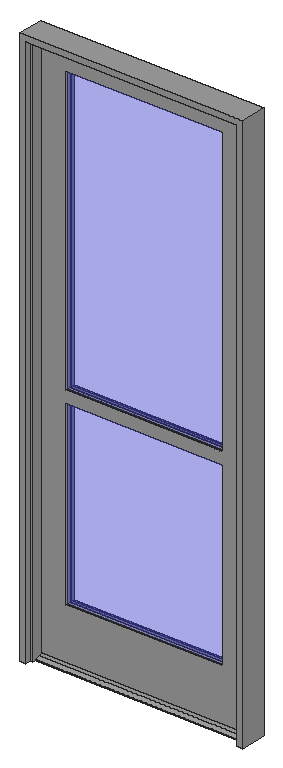
Revit family "MS-375 DOOR-1-CW_v04", category Curtain Panels, Revit 2015
Parameters
  Width [instance] = 3' - 2"
  URL = "obe.com"
  Rough Width [instance] = 3' - 2"
  Panel Width [instance] = [Min-Max Panel Width]  # 3' - 0"
  Panel Offset [instance] = 0' - 0"
  Offset [instance] = 0' - 0"
  Model = "MS-375 DOOR"
  Min-Max Rough Width [instance] = if(and((Rough Width > 3' 1 255/256"), (Rough Width < 3' 8 1/256")), Rough Width, 3' 8")  # 3' - 2"
  Min-Max Panel Width [instance] = if(and((Rough Width > 3' 1 255/256"), (Rough Width < 3' 8 1/256")), Rough Width - 0' 2", 3' 6")  # 3' - 0"
  Manufacturer = "Oldcastle BuildingEnvelope®"
  Keynote = "08 11 00"
  Hinge [instance] = yes
  Height [instance] = 8' - 0"
  Pushbar Height [instance] = 3' - 5 1/4"  # constant formula
  Glass Material = Glass
  Frame Material = Aluminum
  Door Panel Height [instance] = Height - 0' 0 5/8"  # 7' - 11 3/8"
  Description = "MS-375 - 1\" Door Infill"
  Assembly Code = "B2030"
  Analytic Construction = "<None>"
  8 Muntin [instance] = no
  6.5 Muntin [instance] = no
  10 Bottom Rail [instance] = not([8 Bottom Rail])  # no
  4 Muntin [instance] = no
  8 Bottom Rail [instance] = yes
  1.875 Muntin [instance] = no
  0.5 Muntin [instance] = if(or([1.875 Muntin], [4 Muntin], [6.5 Muntin], [8 Muntin]), 1 = 2, 1 = 1)  # yes
Reference planes (in)
  plane 1 "Front": y = 0
  plane 2: z = 0
  plane 3 "Center (Left/Right)": x = 0
  plane 4 "Left": x = -19
  plane 5 "Right": x = 19
  plane 6 "Top": z = 96
  plane 7 "Offset": y = 0
  plane 8: y = -1.28244
  plane 9: y = -1.28244
  plane 10: x = -19
  plane 11: x = 19
Forms (in)
  Sweep 1, solid, material "Aluminum" <- "Frame Material"
    path origin (0, 0, 0) x (-1, 0, 0) y (0, 0, 1)
      loop
        line (19, 0) -> (19, 96)
    profile origin (-19, 0, 48) x (1, 0, 0) y (0, 1, 0)
      loop
        line (1, -1.97) -> (1, 0) -> (0, 0) -> (0, -4.5) -> (1, -4.5) -> (1, -3.595) -> (1.5, -3.595) -> (1.5, -1.97) -> (1, -1.97)
  Sweep 2, solid, material "Aluminum" <- "Frame Material"
    path origin (0, 0, 0) x (-1, 0, 0) y (0, 0, 1)
      loop
        line (-19, 0) -> (-19, 96)
    profile origin (19, 0, 48) x (1, 0, 0) y (0, 1, 0)
      loop
        line (-1, -1.97) -> (-1.5, -1.97) -> (-1.5, -3.595) -> (-1, -3.595) -> (-1, -4.5) -> (0, -4.5) -> (0, 0) -> (-1, 0) -> (-1, -1.97)
  Sweep 3, solid, material "Aluminum" <- "Frame Material"
    path origin (0, 0, 0) x (-1, 0, 0) y (0, 0, 1)
      loop
        line (19, 96) -> (-19, 96)
    profile origin (0, 0, 96) x (0, 0, -1) y (0, 1, 0)
      loop
        line (1.5, -1.97) -> (1, -1.97) -> (1, 0) -> (0, 0) -> (0, -4.5) -> (1, -4.5) -> (1, -3.595) -> (1.5, -3.595) -> (1.5, -1.97)
Cuts and joins
  joined: Sweep 1, Sweep 2, Sweep 3
Text (in)
  text "Exterior" at (-54.29358, 31.38743, 0), in view "Ref. Level"
  text "Exterior" at (480, 41.53993, 89.60405), in view "Right"
  text "Exterior" at (-240, 57.82419, 105.78864), in view "Left"
Dimensions and locks (in)
  equal spacing: plane 4 "Left", plane 3 "Center (Left/Right)", plane 5 "Right"
  "Width": plane 4 "Left" to plane 5 "Right"
  "Height": plane 6 "Top" to plane 2
  "Offset": plane 1 "Front" to plane 7 "Offset"
  locked: plane 7 "Offset" to plane 8 at 1.28244
  locked: plane 7 "Offset" to plane 9 at 1.28244
  equal spacing: plane 10, plane 3 "Center (Left/Right)", plane 11
  "Min-Max Rough Width": plane 10 to plane 11
  aligned and locked: level to plane 2
  aligned and locked: plane 3 "Center (Left/Right)" to nested 1
  aligned and locked: plane 6 "Top" to Sweep 1 sketch curve
  aligned and locked: level to Sweep 1 sketch curve
  aligned and locked: plane 6 "Top" to Sweep 2 sketch curve
  aligned and locked: level to Sweep 2 sketch curve
  aligned and locked: nested 1 to plane 7 "Offset"
  aligned and locked: Sweep 3 sketch curve to plane 6 "Top"
  aligned and locked: plane 11 to Sweep 2 sketch curve
  aligned and locked: Sweep 1 sketch curve to plane 10
  aligned and locked: plane 11 to Sweep 3 sketch curve
  aligned and locked: plane 10 to Sweep 3 sketch curve
Automatic sketch dimensions
  Sweep 1 sketch curve to profile plane = 0' - 0"
  Sweep 1 sketch curve to plane 7 "Offset" = 0' - 0"
  Sweep 1 sketch curve to profile plane = 0' - 1"  (x2)
  Sweep 1 sketch curve to Sweep 1 sketch curve = 0' - 0 1/2"
  Sweep 1 sketch curve to plane 7 "Offset" = 0' - 1.97"
  Sweep 1 sketch curve to Sweep 1 sketch curve = 0' - 1 5/8"
  Sweep 1 sketch curve to Sweep 1 sketch curve = 0' - 0.905"
  Sweep 2 sketch curve to plane 7 "Offset" = 0' - 0"
  Sweep 2 sketch curve to profile plane = 0' - 0"
  profile plane to Sweep 2 sketch curve = 0' - 1"  (x2)
  Sweep 2 sketch curve to Sweep 2 sketch curve = 0' - 0 1/2"
  Sweep 2 sketch curve to plane 7 "Offset" = 0' - 1.97"
  Sweep 2 sketch curve to Sweep 2 sketch curve = 0' - 1 5/8"
  Sweep 2 sketch curve to Sweep 2 sketch curve = 0' - 0.905"
  Sweep 3 sketch curve to profile plane = 0' - 0"
  Sweep 3 sketch curve to plane 7 "Offset" = 0' - 0"
  Sweep 3 sketch curve to profile plane = 0' - 1"  (x2)
  Sweep 3 sketch curve to Sweep 3 sketch curve = 0' - 0 1/2"
  Sweep 3 sketch curve to plane 7 "Offset" = 0' - 1.97"
  Sweep 3 sketch curve to Sweep 3 sketch curve = 0' - 1 5/8"
  Sweep 3 sketch curve to Sweep 3 sketch curve = 0' - 0.905"
Nested families (in)
  nested 1: "MS-375 DOOR-1-Panel_v03" at (0, -14, 0), Frame Material <- "Frame Material", Glass Material <- "Glass Material", 0.5 Muntin <- "0.5 Muntin", 1.875 Muntin <- "1.875 Muntin", 4 Muntin <- "4 Muntin", 6.5 Muntin <- "6.5 Muntin", 8 Muntin <- "8 Muntin", Height <- "Door Panel Height", Width <- "Min-Max Panel Width", 8 Bottom Rail <- "8 Bottom Rail", Offset <- "Panel Offset", Hinge <- "Hinge", type "MS-375 DOOR-1-Panel_v03"
    with built-in parameter 1001301 3' - 0", Pushbar Height 3' - 5 1/4", Offset 0' - 0", Hinge yes, built-in parameter 1001300 7' - 11 3/8", Glass at Muntin 0' - 1 7/16", Glass Material Glass, Frame Material Aluminum, Bottom Rail 0' - 9 5/32", 8 Muntin no, 8 Bottom Rail yes, 6.5 Muntin no, 4 Muntin no, 10 Bottom Rail no, 1.875 Muntin no, 0.5 Muntin yes
Definition of nested family "MS-375 DOOR-1-Panel_v03"
  Parameters (values of type "MS-375 DOOR-1-Panel_v03")
    Width [instance] = 4' - 0"
    URL = "obe.com"
    Offset [instance] = 0' - 11"
    Model = "MS-375 DOOR"
    Manufacturer = "Oldcastle BuildingEnvelope®"
    Keynote = "08 11 00"
    Hinge [instance] = yes
    Height [instance] = 8' - 0"
    Glass at Muntin [instance] = if([8 Muntin], 0' 8 15/16", if([6.5 Muntin], 0' 7 7/16", if([4 Muntin], 0' 4 15/16", if([1.875 Muntin], 0' 2 13/16", 0' 1 7/16"))))  # 0' - 1 7/16"
    Pushbar Height [instance] = 3' - 5 1/4"  # constant formula
    Glass Material [instance] = none
    Frame Material [instance] = none
    Description = "MS-375 - 1\" Door Infill"
    Bottom Rail [instance] = if([10 Bottom Rail], 0' 11 5/32", 0' 9 5/32")  # 0' - 9 5/32"
    Assembly Code = "B2030"
    8 Muntin [instance] = no
    6.5 Muntin [instance] = no
    4 Muntin [instance] = no
    8 Bottom Rail [instance] = yes
    10 Bottom Rail [instance] = not([8 Bottom Rail])  # no
    1.875 Muntin [instance] = no
    0.5 Muntin [instance] = if(or([1.875 Muntin], [4 Muntin], [6.5 Muntin], [8 Muntin]), 1 = 2, 1 = 1)  # yes
  Reference planes (in)
    plane 1 "00": y = 2.0625
    plane 2: z = 0
    plane 3 "Center (Left/Right)": x = 0
    plane 4: z = 96
    plane 5: x = 24
    plane 6: x = -24
    plane 7 "Center (Front/Back)": y = 14
    plane 8 "Exterior": y = 2.5625
    plane 9: z = 48
    plane 10: z = 92.96875
    plane 11: z = 92
    plane 12: z = 9.15625
    plane 13: z = 40.53125
    plane 14: z = 41.96875
    plane 15 "Offset": y = 3
    plane 16: z = 41.25
  Forms (in)
    Sweep 1, solid, material <- "Frame Material"
      path origin (0, 2.0625, 0) x (1, 0, 0) y (0, 0, 1)
        loop
          line (-23.79725, 96) -> (23.798, 96)
      profile origin (0.00038, 2.0625, 96) x (0, 0, 1) y (0, -1, 0)
        loop
          line (-0.5, -0.875) -> (-0.5, 0.875) -> (-2.74593, 0.875) -> (-4.28125, 0.875) -> (-4.28125, 0.5) -> (-4, 0.5) -> (-4, -0.5) -> (-4.28125, -0.5) -> (-4.28125, -0.875) -> (-2.74593, -0.875) -> (-0.5, -0.875)
    Sweep 2, solid, material <- "Frame Material"
      path origin (0, 2.0625, 0) x (1, 0, 0) y (0, 0, 1)
        loop
          line (23.798, 0) -> (-23.79725, 0)
      profile origin (0.00038, 2.0625, 0) x (0, 0, -1) y (0, -1, 0)
        loop
          line (-9.4375, -0.5) -> (-9.4375, -0.875) -> (-0.6875, -0.875) -> (-0.6875, 0.875) -> (-9.4375, 0.875) -> (-9.4375, 0.5) -> (-9.15625, 0.5) -> (-9.15625, -0.5) -> (-9.4375, -0.5)
        loop
          line (-0.5, -1.1555) -> (-0.19364, -1.8125) -> (-0.00001, -1.8125) -> (-0.00001, 2.1875) -> (-0.19364, 2.1875) -> (-0.5, 1.5305) -> (-0.5, -1.1555)
    Sweep 3, solid, material <- "Frame Material"
      path origin (0, 2.0625, 0) x (1, 0, 0) y (0, 0, 1)
        loop
          line (24, 95.5) -> (24, 0.6875)
      profile origin (24, 2.0625, 48.09375) x (0, -1, 0) y (1, 0, 0)
        loop
          line (-0.875, -0.093) -> (-0.875, -2.21393) -> (-0.875, -4.593) -> (-0.5, -4.593) -> (-0.5, -4.31175) -> (0.5, -4.31175) -> (0.5, -4.593) -> (0.875, -4.593) -> (0.875, -2.21393) -> (0.875, -0.202) -> (-0.875, -0.093)
    Sweep 4, solid, material <- "Frame Material"
      path origin (0, 2.0625, 0) x (1, 0, 0) y (0, 0, 1)
        loop
          line (-24, 95.5) -> (-24, 0.6875)
      profile origin (-24, 2.0625, 48.09375) x (0, -1, 0) y (1, 0, 0)
        loop
          line (-0.875, 0.09375) -> (0.875, 0.20275) -> (0.875, 2.21468) -> (0.875, 4.59375) -> (0.5, 4.59375) -> (0.5, 4.3125) -> (-0.5, 4.3125) -> (-0.5, 4.59375) -> (-0.875, 4.59375) -> (-0.875, 2.21468) -> (-0.875, 0.09375)
    Sweep 5, solid, material <- "Frame Material"
      path origin (0, 2.0625, 0) x (1, 0, 0) y (0, 0, 1)
        loop
          line (23.798, 48) -> (-23.79725, 48)
      profile origin (0.00038, 2.0625, 48) x (0, 0, -1) y (0, -1, 0)
        loop
          line (7.75, 0.875) -> (5.75, 0.875) -> (5.75, 0.5) -> (6.03125, 0.5) -> (6.03125, -0.5) -> (5.75, -0.5) -> (5.75, -0.875) -> (7.75, -0.875) -> (7.75, -0.5) -> (7.46875, -0.5) -> (7.46875, 0.5) -> (7.75, 0.5) -> (7.75, 0.875)
    Extrusion 6, solid, material <- "Glass Material", detail levels coarse
      sketch origin (0, 0, 0) x (1, 0, 0) y (0, 1, 0)
        loop
          line (-19.6875, 2.5625) -> (-19.6875, 1.5625) -> (19.68825, 1.5625) -> (19.68825, 2.5625) -> (-19.6875, 2.5625)
      from 41.96875 to 92
    Extrusion 7, solid, material <- "Glass Material", detail levels medium+fine
      sketch origin (0, 0, 0) x (1, 0, 0) y (0, 1, 0)
        loop
          line (-19.6875, 1.56385) -> (19.68825, 1.56385) -> (19.68825, 1.81185) -> (-19.6875, 1.81185) -> (-19.6875, 1.56385)
        loop
          line (19.68825, 2.56385) -> (-19.6875, 2.56385) -> (-19.6875, 2.31585) -> (19.68825, 2.31585) -> (19.68825, 2.56385)
      from 41.96875 to 92
    Extrusion 8, solid, material <- "Glass Material", detail levels coarse
      sketch origin (0, 0, 0) x (1, 0, 0) y (0, 1, 0)
        loop
          line (-19.6875, 2.5625) -> (-19.6875, 1.5625) -> (19.68825, 1.5625) -> (19.68825, 2.5625) -> (-19.6875, 2.5625)
      from 9.15625 to 40.53125
    Extrusion 9, solid, material <- "Glass Material", detail levels medium+fine
      sketch origin (0, 0, 0) x (1, 0, 0) y (0, 1, 0)
        loop
          line (-19.6875, 2.5625) -> (-19.6875, 2.3145) -> (19.68825, 2.3145) -> (19.68825, 2.5625) -> (-19.6875, 2.5625)
        loop
          line (-19.6875, 1.8105) -> (-19.6875, 1.5625) -> (19.68825, 1.5625) -> (19.68825, 1.8105) -> (-19.6875, 1.8105)
      from 9.15625 to 40.53125
  Cuts and joins
    joined: Sweep 1, Sweep 2, Sweep 3, Sweep 4, Sweep 5
  Lines and regions (in)
    model lines
      curve 1: line (19.68825, 2.5625, 92) -> (-19.6875, 2.5625, 48)
      curve 2: line (-19.6875, 2.5625, 48) -> (19.407, 2.5625, 9.4375)
  Dimensions and locks (in)
    "Width": plane 6 to plane 5
    "Offset": plane 15 "Offset" to plane 7 "Center (Front/Back)"
    plane 1 "00" to plane 8 "Exterior" to plane 15 "Offset" = 0' - 0 1/2" locked, 0' - 0 7/16" locked
    equal spacing: level, plane 9, plane 4
    locked: Sweep 2 sketch curve to plane 6 at 0.20275
    locked: plane 5 to Sweep 2 sketch curve at 0.202
    locked: Sweep 3 sketch curve to plane 4 at 0.5
    locked: Sweep 4 sketch curve to plane 4 at 0.5
    locked: Sweep 1 sketch curve to plane 6 at 0.20275
    locked: plane 5 to Sweep 1 sketch curve at 0.202
    locked: plane 5 to Sweep 5 sketch curve at 0.202
    locked: Sweep 5 sketch curve to plane 6 at 0.20275
    locked: plane 4 to plane 10 at 3.03125
    Extrusion 8 sketch curve to plane 1 "00" to Extrusion 8 sketch curve = 0' - 0 1/2" locked, 0' - 0 1/2" locked
    Extrusion 9 sketch curve to Extrusion 9 sketch curve to plane 1 "00" to Extrusion 9 sketch curve to Extrusion 9 sketch curve = 0' - 0.248" locked, 0' - 0.252" locked, 0' - 0.252" locked, 0' - 0.248" locked
    "Glass at Muntin": plane 13 to plane 14
    locked: plane 11 to plane 4 at 4
    "Bottom Rail": plane 12 to plane 2
    "Height": plane 4 to plane 2
    locked: Sweep 1 sketch curve to plane 11 at 0.28125  (x2)
    locked: plane 14 to Sweep 5 sketch curve at 0.28125  (x2)
    locked: Sweep 5 sketch curve to plane 13 at 0.28125  (x2)
    locked: plane 12 to Sweep 2 sketch curve at 0.28125  (x2)
    equal spacing: plane 6, plane 3 "Center (Left/Right)", plane 5
    locked: plane 6 to Extrusion 8 sketch curve at 4.3125
    locked: Extrusion 8 sketch curve to plane 5 at 4.31175
    locked: Extrusion 9 sketch curve to plane 5 at 4.31175  (x2)
    locked: plane 6 to Extrusion 9 sketch curve at 4.3125  (x2)
    locked: plane 6 to Extrusion 6 sketch curve at 4.3125
    locked: Extrusion 6 sketch curve to plane 5 at 4.31175
    locked: plane 6 to Extrusion 7 sketch curve at 4.3125  (x2)
    locked: Extrusion 7 sketch curve to plane 5 at 4.31175  (x2)
    equal spacing: plane 13, plane 16, plane 14
    "Pushbar Height": plane 2 to plane 16
    locked: Sweep 4 sketch curve to plane 2 at 0.6875
    locked: Sweep 3 sketch curve to plane 2 at 0.6875
    Extrusion 7 sketch curve to Extrusion 7 sketch curve to Extrusion 7 sketch curve to Extrusion 7 sketch curve to plane 15 "Offset" = 0' - 0.248" locked, 0' - 0.504" locked, 0' - 0.248" locked, 0' - 0.43615" locked
    Extrusion 6 sketch curve to Extrusion 6 sketch curve to plane 15 "Offset" = 0' - 1" locked, 0' - 0 7/16" locked
    aligned and locked: plane 2 to level
    aligned and locked: Sweep 1 sketch curve to plane 4
    aligned and locked: Sweep 2 sketch curve to level
    aligned and locked: plane 5 to Sweep 3 sketch curve
    aligned and locked: plane 6 to Sweep 4 sketch curve
    aligned and locked: Sweep 5 sketch curve to plane 9
    aligned and locked: Extrusion 7 to plane 11
    aligned and locked: Extrusion 6 to plane 11
    aligned and locked: plane 14 to Extrusion 7
    aligned and locked: plane 14 to Extrusion 6
    aligned and locked: Extrusion 8 to plane 13
    aligned and locked: Extrusion 9 to plane 13
    aligned and locked: plane 12 to Extrusion 9
    aligned and locked: plane 12 to Extrusion 8
    aligned and locked: cut or joined group of Sweep 1, Sweep 2, Sweep 3, Sweep 4, Sweep 5 to curve 2
    aligned and locked: cut or joined group of Sweep 1, Sweep 2, Sweep 3, Sweep 4, Sweep 5 to curve 1
    aligned and locked: plane 9 to curve 1
  Automatic sketch dimensions
    plane 1 "00" to Sweep 1 sketch curve = 0' - 0 1/2"
    Sweep 1 sketch curve to plane 1 "00" = 0' - 0 1/2"
    Sweep 1 sketch curve to Sweep 1 sketch curve = 0' - 0 9/32"
    Sweep 1 sketch curve to Sweep 1 sketch curve = 0' - 1.25407"  (x2)
    profile plane to Sweep 1 sketch curve = 0' - 0 1/2"
    Sweep 1 sketch curve to plane 1 "00" = 0' - 0 7/8"
    Sweep 1 sketch curve to Sweep 1 sketch curve = 0' - 0 3/8"
    plane 1 "00" to Sweep 5 sketch curve = 0' - 0 1/2"  (x2)
    Sweep 5 sketch curve to plane 1 "00" = 0' - 0 1/2"  (x2)
    Sweep 5 sketch curve to Sweep 5 sketch curve = 0' - 0 9/32"  (x2)
    Sweep 5 sketch curve to Sweep 5 sketch curve = 0' - 0 3/8"  (x2)
    plane 1 "00" to Sweep 2 sketch curve = 0' - 0 7/8"
    profile plane to Sweep 2 sketch curve = 0' - 0 1/2"
    profile plane to Sweep 2 sketch curve = 0' - 0.19364"  (x2)
    profile plane to Sweep 2 sketch curve = 0' - 0"
    Sweep 2 sketch curve to Sweep 2 sketch curve = 0' - 0 3/8"
    Sweep 2 sketch curve to plane 1 "00" = 0' - 0 1/2"
    Sweep 2 sketch curve to plane 1 "00" = 0' - 0 7/8"
    Sweep 2 sketch curve to Sweep 2 sketch curve = 0' - 0.657"  (x2)
    Sweep 2 sketch curve to Sweep 2 sketch curve = 0' - 0.6555"
    Sweep 2 sketch curve to Sweep 2 sketch curve = 0' - 0 9/32"
    Sweep 4 sketch curve to plane 1 "00" = 0' - 0 7/8"
    Sweep 4 sketch curve to Sweep 4 sketch curve = 0' - 0 3/8"
    plane 1 "00" to Sweep 4 sketch curve = 0' - 0 1/2"
    plane 1 "00" to Sweep 4 sketch curve = 0' - 0 7/8"
    Sweep 4 sketch curve to profile plane = 0' - 0 3/32"
    Sweep 4 sketch curve to Sweep 4 sketch curve = 0' - 2.12093"
    Sweep 4 sketch curve to Sweep 4 sketch curve = 0' - 0"
    Sweep 4 sketch curve to Sweep 4 sketch curve = 0' - 2.09782"
    Sweep 4 sketch curve to Sweep 4 sketch curve = 0' - 0 9/32"  (x2)
    Sweep 4 sketch curve to profile plane = 0' - 0.20275"
    Sweep 3 sketch curve to plane 1 "00" = 0' - 0 7/8"
    Sweep 3 sketch curve to Sweep 3 sketch curve = 0' - 0 3/8"  (x2)
    plane 1 "00" to Sweep 3 sketch curve = 0' - 0 1/2"
    profile plane to Sweep 3 sketch curve = 0' - 4.593"
    Sweep 3 sketch curve to Sweep 3 sketch curve = 0' - 0"  (x2)
    Sweep 3 sketch curve to Sweep 3 sketch curve = 0' - 0 9/32"
    Sweep 3 sketch curve to Sweep 3 sketch curve = 0' - 2.09782"
    profile plane to Sweep 3 sketch curve = 0' - 0.202"
    profile plane to Sweep 3 sketch curve = 0' - 0.093"
    curve 2 to plane 12 = 0' - 0 9/32"
    curve 1 to plane 11 = 0' - 0"
    curve 1 to plane 5 = 0' - 4.31175"
    Sweep 2 sketch curve to Sweep 2 sketch curve = 0' - 0 3/16"
    Sweep 2 sketch curve to Sweep 2 sketch curve = 0' - 0.2805"
